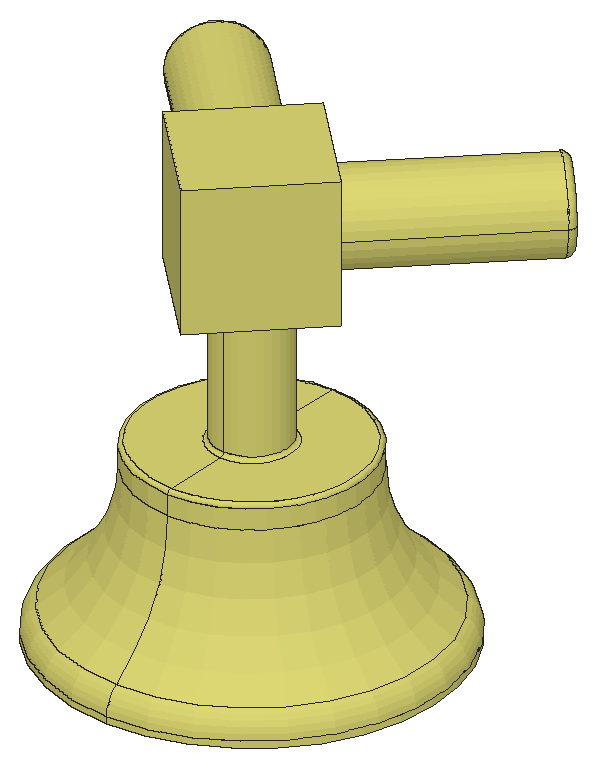
Revit family "Hook-BathrobeHolderDouble-Vitra-JunoClassicSeries-A44423", category Plumbing Fixtures, host Face, Revit 2017
Family settings
  Host = Face
  Round Connector Dimension = Use Diameter
  Part Type = Normal
  OmniClass Number = 23.45.00.00
  OmniClass Title = Sanitary, Laundry, and Cleaning Equipment
  Cut with Voids When Loaded = No
  Shared = Yes
  Room Calculation Point = No
Parameters (values of type "Hook-BathrobeHolderDouble-Vitra-JunoClassicSeries-A4442326")
  Youtube = "https://www.youtube.com/user/VitrAglobal"
  Weight Net (kg) = "0.8"
  Waste Connection = no
  Warranty Period (Year) = "5 years"
  Vent Connection = no
  Uniformat II Description = "FURNISHINGS"
  Uniformat II Code = "E20"
  Uniclass 2015 Name = "Clothes hooks"
  Uniclass 2015 Code = "Pr_40_30_78_15"
  Uniclass 2.0 Description = "Clothes Hooks"
  Uniclass 2.0 Code = "PR-35-75-18"
  Uniclass 1.4 Description = "Fasteners, stays, hooks"
  Uniclass 1.4 Code = "L41821"
  URL = "https://vitraglobal.com/"
  UNSPSC Description = "Furniture and Furnishings"
  UNSPSC Code = ""
  Technical description = "https://www.vitra.com.tr/pdf/A4442326/"
  Tap hole Options (default) = ""
  Specification = ""
  Region South America = "All"
  Region Oceania = "All"
  Region North America = "All"
  Region Middle East = "All"
  Region Europe = "All"
  Region Asia = "All"
  Region Antarctica = "All"
  Region Africa = "All"
  Product url = "https://www.vitra.com.tr/banyo-aksesuarlari/havluluk-askilik/aski/juno-classic-aski-sku-A4442326/"
  Product manual = ""
  Product group = "Hook Bathrobe Holder"
  Product family = "Juno Classic Series"
  Product data url = ""
  Product certification = "https://www.vitraglobal.com/brochures/"
  Product Type = "Hook Bathrobe Holder"
  Product SKU = "A4442326"
  Product Properties = ""
  Product Guid = ""
  OmniClass Description = "Robe Hooks"
  OmniClass Code = "23-31 25 27"
  Nominal Width (mm) = 70 mm
  Nominal Height (mm) = 70 mm
  Nominal Depth (mm) = 62.614 mm
  NBS Referans Description = "Clothes Hooks"
  NBS Referans Code = "35-75-18"
  Mounting type = "Wall Mounted"
  Model = "A4442326"
  Masterformat 2014 Description = "Hooks"
  Masterformat 2014 Code = "41 23 19"
  Manufacturer name = "Vitra"
  Manufacturer = "Vitra"
  Main Material = ""
  Installation instructions = ""
  IFC Classification = "Sanitary Terminal"
  Help = ""
  HW Connection = no
  GTIP code = ""
  Features = ""
  EAN code = ""
  Design country = "Turkey"
  Description = "Juno Classic Hook Bathrobe Holder Double"
  Default Elevation = 0 mm
  Color = "Copper"
  Coating Material = Gold
  Calculated flow = ""
  CW Connection = no
  COBIe Type Category = ""
  Brand = "VitrA"
  BIMobject category = "Furniture - Hooks & Hangers"
  Article No. (default) = "A4442326"
  Approvals = ""
  ApplicationType = ""
  Accessories (default) = ""
Types (6, lengths in mm): name | Technical description | Product url | Product SKU | Model | Color | Coating Material | Article No. (default)
  Hook-BathrobeHolderDouble-Vitra-JunoClassicSeries-A44423 | "https://www.vitra.com.tr/pdf/A44423/" | "https://www.vitra.com.tr/banyo-aksesuarlari/havluluk-askilik/aski/juno-classic-aski-sku-A44423/" | "A44423" | "A44423" | "Chrome" | Chrome | "A44423"
  Hook-BathrobeHolderDouble-Vitra-JunoClassicSeries-A4442323 | "https://www.vitra.com.tr/pdf/A4442323/" | "https://www.vitra.com.tr/banyo-aksesuarlari/havluluk-askilik/aski/juno-classic-aski-sku-A4442323/" | "A4442323" | "A4442323" | "Gold" | Gold | "A4442323"
  Hook-BathrobeHolderDouble-Vitra-JunoClassicSeries-A4442326 | "https://www.vitra.com.tr/pdf/A4442326/" | "https://www.vitra.com.tr/banyo-aksesuarlari/havluluk-askilik/aski/juno-classic-aski-sku-A4442326/" | "A4442326" | "A4442326" | "Copper" | Gold | "A4442326"
  Hook-BathrobeHolderDouble-Vitra-JunoClassicSeries-A44423EXP | "https://www.vitraglobal.com/pdf/A44423EXP/" | "https://www.vitraglobal.com/bathroom-accessories/towel-bathrobe-holders/bathrobe-hooks/juno-robe-hook-double--sku-A44423EXP/" | "A44423EXP" | "A44423EXP" | "Chrome" | Chrome | "A44423EXP"
  Hook-BathrobeHolderDouble-Vitra-JunoClassicSeries-A4442323EXP | "https://www.vitraglobal.com/pdf/A4442323EXP/" | "https://www.vitraglobal.com/bathroom-accessories/towel-bathrobe-holders/bathrobe-hooks/juno-robe-hook-double--sku-A4442323EXP/" | "A4442323EXP" | "A4442323EXP" | "Gold" | Gold | "A4442323EXP"
  Hook-BathrobeHolderDouble-Vitra-JunoClassicSeries-A4442326EXP | "https://www.vitraglobal.com/pdf/A4442326EXP/" | "https://www.vitraglobal.com/bathroom-accessories/towel-bathrobe-holders/bathrobe-hooks/juno-robe-hook-double--sku-A4442326EXP/" | "A4442326EXP" | "A4442326EXP" | "Copper" | Gold | "A4442326EXP"
Reference planes
  plane 1 "Center (Front/Back)": y = 0
  plane 2: z = 0
  plane 3 "Center (Left/Right)": x = 0
  plane 4: z = 62.614
  plane 5: y = 35
  plane 6: y = -35
  plane 7: x = 35
  plane 8: x = -35
Forms (mm)
  Revolve 1, solid, material "Gold" <- "Coating Material", detail levels fine
    sketch origin (0, 0, 0) x (0, 1, 0) y (0, 0, 1)
      loop
        line (0.469, 0) -> (26.433, 0) -> (26.433, 0.937)
        arc (26.433, 0.937) -> (25.978, 2.799) -> (24.706, 4.233) r 3.985
        arc (24.706, 4.233) -> (17.89, 11.908) -> (15.43, 21.874) r 21.411
        line (15.43, 21.874) -> (15.43, 24.556)
        arc (15.43, 24.556) -> (15.266, 24.95) -> (14.872, 25.114) r 0.558
        line (14.872, 25.114) -> (5.963, 25.114)
        arc (5.963, 25.114) -> (5.586, 25.27) -> (5.43, 25.647) r 0.534
        line (5.43, 25.647) -> (5.43, 44.614) -> (0.469, 44.614) -> (0.469, 0)
      axis (0.469, 44.614) -> (0.469, 0)
    angle from 0 to 360
  Extrusion 2, solid, material "Gold" <- "Coating Material", detail levels fine
    sketch origin (0, 0, 0) x (1, 0, 0) y (0, 1, 0)
      loop
        line (0, 13.16) -> (-12.728, 0.432) -> (0, -12.296) -> (12.728, 0.432) -> (0, 13.16)
    from 44.114 to 62.614
  Revolve 3, solid, material "Gold" <- "Coating Material", detail levels fine
    sketch origin (0, 0, 53.133) x (1, 0, 0) y (0, 1, 0)
      loop
        line (-25.456, 25.888) -> (-2.575, 3.007) -> (1.669, 7.251) -> (-20.513, 29.432)
        arc (-20.513, 29.432) -> (-21.212, 29.722) -> (-21.911, 29.432) r 0.989
        line (-21.911, 29.432) -> (-25.456, 25.888)
      axis (-25.456, 25.888) -> (-2.575, 3.007)
    angle from 0 to 360
  Revolve 4, solid, material "Gold" <- "Coating Material", detail levels fine
    sketch origin (0, 0, 53.133) x (-1, 0, 0) y (0, 1, 0)
      loop
        line (-25.456, 25.888) -> (-2.575, 3.007) -> (1.669, 7.251) -> (-20.513, 29.432)
        arc (-20.513, 29.432) -> (-21.212, 29.722) -> (-21.911, 29.432) r 0.989
        line (-21.911, 29.432) -> (-25.456, 25.888)
      axis (-25.456, 25.888) -> (-2.575, 3.007)
    angle from 0 to 360
  Extrusion 5, solid, detail levels coarse
    sketch origin (0, 0, 0) x (1, 0, 0) y (0, 1, 0)
      loop
        circle (0, 0) r 35
    from 0 to 62.614
  Revolve 6, solid, detail levels medium
    sketch origin (0, 0, 0) x (0, 1, 0) y (0, 0, 1)
      loop
        line (0, 0) -> (26.433, 0) -> (26.433, 2.637) -> (15.417, 25.224) -> (5.417, 25.224) -> (5.417, 45) -> (0, 45) -> (0, 0)
      axis (0, 45) -> (0, 0)
    angle from 0 to 360
  Extrusion 7, solid, detail levels medium
    sketch origin (0, 0, 0) x (1, 0, 0) y (0, 1, 0)
      loop
        line (12.728, 0.432) -> (0, 13.16) -> (-12.728, 0.432) -> (0, -12.296) -> (12.728, 0.432)
    from 44.114 to 62.614
  Extrusion 8, solid, detail levels medium
    sketch origin (0, 0, 0) x (1, 0, 0) y (0, 1, 0)
      loop
        line (-2.199, 10.961) -> (-21.475, 30.237) -> (-30.188, 21.524) -> (-10.912, 2.248) -> (-2.199, 10.961)
      loop
        line (2.199, 10.961) -> (10.912, 2.248) -> (30.188, 21.524) -> (21.475, 30.237) -> (2.199, 10.961)
    from 46.813 to 59.306
Cuts and joins
  joined: Revolve 1, Extrusion 2, Revolve 3, Revolve 4
Dimensions and locks
  "Nominal Depth (mm)": plane 4 to level
  "Nominal Width (mm)": plane 8 to plane 7
  "Nominal Height (mm)": plane 5 to plane 6
  aligned and locked: plane 2 to host face
  aligned and locked: level to host face
Automatic sketch dimensions
  host sketch curve to host sketch curve = 2438.4 mm  (x2)
  Revolve 1 sketch curve to level = 0 mm
  Revolve 1 sketch curve to plane 1 "Center (Front/Back)" = 0.469 mm  (x2)
  Revolve 1 sketch curve to Revolve 1 sketch curve = 4.961 mm
  Revolve 1 sketch curve to Revolve 1 sketch curve = 0.534 mm
  Revolve 1 sketch curve to Revolve 1 sketch curve = 8.908 mm
  Revolve 1 sketch curve to Revolve 1 sketch curve = 0.558 mm
  level to Revolve 1 sketch curve = 0.95 mm
  Revolve 1 sketch curve to plane 5 = 12.552 mm
  Revolve 1 sketch curve to Revolve 1 sketch curve = 3.985 mm
  plane 5 to Revolve 1 sketch curve = 1.841 mm
  Revolve 1 sketch curve to Revolve 1 sketch curve = 0.937 mm
  level to Revolve 1 sketch curve = 21.874 mm
  Revolve 1 sketch curve to Revolve 1 sketch curve = 2.682 mm
  Revolve 1 sketch curve to plane 4 = 18 mm
  Revolve 1 sketch curve to Revolve 1 sketch curve = 7.612 mm
  Revolve 1 sketch curve to Revolve 1 sketch curve = 10 mm
  Extrusion 2 sketch curve to plane 3 "Center (Left/Right)" = 0 mm  (x2)
  Extrusion 2 sketch curve to plane 1 "Center (Front/Back)" = 0.432 mm  (x2)
  Extrusion 2 sketch curve to plane 3 "Center (Left/Right)" = 12.728 mm
  Revolve 3 sketch curve to plane 8 = 9.544 mm
  Revolve 3 sketch curve to plane 5 = 5.568 mm  (x2)
  Revolve 3 sketch curve to Revolve 3 sketch curve = 3.545 mm
  Revolve 3 sketch curve to Revolve 3 sketch curve = 0.699 mm  (x2)
  Revolve 3 sketch curve to plane 3 "Center (Left/Right)" = 2.575 mm
  plane 3 "Center (Left/Right)" to Revolve 3 sketch curve = 1.669 mm
  Revolve 3 sketch curve to Revolve 3 sketch curve = 3.536 mm  (x2)
  Revolve 3 sketch curve to Revolve 3 sketch curve = 7.905 mm
  Revolve 3 sketch curve to plane 1 "Center (Front/Back)" = 14.447 mm
  Revolve 4 sketch curve to plane 7 = 9.544 mm
  plane 5 to Revolve 4 sketch curve = 5.568 mm  (x2)
  Revolve 4 sketch curve to Revolve 4 sketch curve = 3.545 mm
  Revolve 4 sketch curve to Revolve 4 sketch curve = 0.699 mm  (x2)
  Revolve 4 sketch curve to plane 3 "Center (Left/Right)" = 2.575 mm
  plane 3 "Center (Left/Right)" to Revolve 4 sketch curve = 1.669 mm
  Revolve 4 sketch curve to Revolve 4 sketch curve = 3.536 mm  (x2)
  Revolve 4 sketch curve to Revolve 4 sketch curve = 7.905 mm
  plane 1 "Center (Front/Back)" to Revolve 4 sketch curve = 14.447 mm
  plane 1 "Center (Front/Back)" to Extrusion 5 sketch curve = 0 mm
  Extrusion 5 sketch curve to plane 3 "Center (Left/Right)" = 0 mm
  Revolve 6 sketch curve to level = 0 mm
  Revolve 6 sketch curve to plane 1 "Center (Front/Back)" = 0 mm  (x2)
  Revolve 6 sketch curve to plane 1 "Center (Front/Back)" = 5.417 mm
  Revolve 6 sketch curve to Revolve 6 sketch curve = 10 mm  (x2)
  Revolve 6 sketch curve to plane 5 = 8.567 mm
  Revolve 6 sketch curve to Revolve 6 sketch curve = 2.637 mm
  level to Revolve 6 sketch curve = 25.224 mm
  Revolve 6 sketch curve to plane 4 = 17.614 mm
  Revolve 6 sketch curve to Revolve 6 sketch curve = 5 mm
  Extrusion 7 sketch curve to plane 3 "Center (Left/Right)" = 0 mm  (x2)
  Extrusion 7 sketch curve to plane 1 "Center (Front/Back)" = 0.432 mm
  Extrusion 7 sketch curve to plane 3 "Center (Left/Right)" = 12.728 mm
  plane 1 "Center (Front/Back)" to Extrusion 7 sketch curve = 12.296 mm
  Extrusion 8 sketch curve to plane 8 = 4.812 mm
  Extrusion 8 sketch curve to plane 5 = 4.763 mm  (x2)
  Extrusion 8 sketch curve to Extrusion 8 sketch curve = 8.713 mm
  Extrusion 8 sketch curve to plane 1 "Center (Front/Back)" = 2.248 mm  (x2)
  Extrusion 8 sketch curve to plane 3 "Center (Left/Right)" = 10.912 mm
  plane 3 "Center (Left/Right)" to Extrusion 8 sketch curve = 2.199 mm
  plane 3 "Center (Left/Right)" to Extrusion 8 sketch curve = 10.912 mm
  plane 7 to Extrusion 8 sketch curve = 13.525 mm
  radius of Extrusion 5 sketch curve = 35 mm
